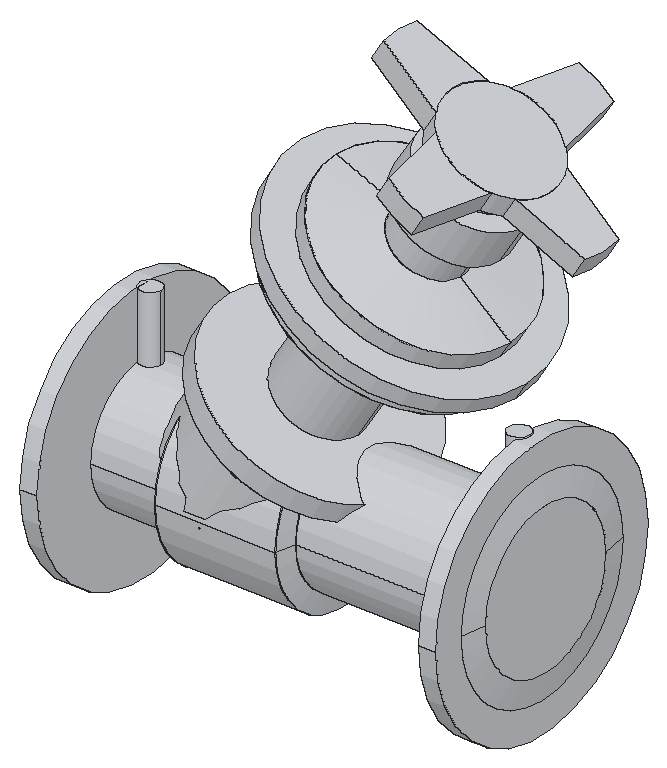
Revit family "224_DN125_20-70_RFA_2018", category Pipe Accessories, Revit 2018
Family settings
  Round Connector Dimension = Use Diameter
  Part Type = Valve - Breaks Into
  Work Plane-Based = No
  Always vertical = Yes
  Cut with Voids When Loaded = No
  Shared = No
Parameters (values of type "224_DN125_(20-70)")
  magiProductId = "2c85edc695ca465cb63b6911085491"
  magiProductFamilyId = "cb96b53648234cefb8c956722b95ac"
  magiPartTypeId = 304
  isMeasuringValve [instance] = no
  ang2D [instance] = 0.00°
  Z8 = 25.804 mm
  Z7 = 8.601 mm
  Z6 = 107.518 mm
  Z4 = 43.007 mm
  Z3 = 17.203 mm
  Z2 = 21.504 mm
  Z1 = 64.511 mm
  Y9 = 112.022 mm
  Y8 = 43.927 mm
  X9 = 19.752 mm
  X8 = 30.758 mm
  X5 = 166.25 mm
  X4 = 113.75 mm
  X1 = 16 mm
  W2D = 100 mm
  VersionID = "2.0/2018.4.11.4/ZETKAMA_224_001"
  Use Minimum Symbol Size [instance] = yes
  URL = "www.hydronic.cz"
  Type Comments = "přírubový ventil, PN16; -10~+120°C; dpmin=1,5xdpnast;"
  R8 = 53.625 mm
  R7 = 35.75 mm
  R6 = 96.688 mm
  R5 = 125 mm
  R4 = 113.75 mm
  R3 = 65 mm
  R2 = 95.5 mm
  R12 = 42.75 mm
  R10 = 71 mm
  QmdConnectorList = "301;D;302;D"
  Productdata [instance] = ""
  Manufacturer = "Hydronic Systems Prague s.r.o."
  Maintenance Zone Under Depth [instance] = 425 mm
  Maintenance Zone Right Depth [instance] = 400 mm
  Maintenance Zone Over Depth [instance] = 425 mm
  Maintenance Zone Left Depth [instance] = 400 mm
  Maintenance Zone Front Depth [instance] = 273 mm
  Maintenance Zone Back Depth [instance] = 273 mm
  Maintenance Zone Front Visibility [instance] = no
  MC Product Code = "224 125 3 (DN125; dpnast 20-70kPa; dpmax=250kPa; kvs=169,0kPa)"
  MC Piping Given Pressure Drop [instance] = 0.0 Pa
  LT2 = 200 mm
  L3 = 72 mm
  L2D_Min = 3048 mm
  L2D = 350 mm
  H5 = 62.5 mm
  FDT2 = 125 mm
  Description = "Regulátor diferenčního tlaku přírubový"
  DT21 = 62.5 mm
  DT2 = 62.5 mm
  D6 = 101.562 mm
  D5 = 81.25 mm
  D = 125 mm
  Clearance Zone Height Depth [instance] = 425 mm
  Clearance Zone Circular Radius [instance] = 400 mm
  Clearance Zone Visibility [instance] = no
  CAT0 = yes
  ARC2 = 1.728 mm
  ARC1 = 9.698 mm
  ANG = 32.00°
  A2 = 37.094 mm
  A1 = 59.363 mm
Types (10, lengths in mm): name | magiProductId | Z8 | Z7 | Z6 | Z4 | Z3 | Z2 | Z1 | X5 | X4 | X1 | R5 | R3 | R2 | R10 | Maintenance Zone Under Depth | Maintenance Zone Right Depth | Maintenance Zone Over Depth | Maintenance Zone Left Depth | MC Product Code | LT2 | L3 | H5 | FDT2 | DT21 | DT2 | D6 | D5 | D | Clearance Zone Height Depth | Clearance Zone Circular Radius | A2 | A1
  224_DN100_(40-160) | "71f9e553003c40d991c5e352e67284" | 24.389 | 8.13 | 101.622 | 40.649 | 16.26 | 20.324 | 60.973 | 152.2 | 91 | 14 | 110 | 52 | 80.5 | 58 | 405 | 350 | 405 | 350 | "224 100 7 (DN100; dpnast 40-160kPa; dpmax=250kPa; kvs=110,0kPa)" | 175 | 62.8 | 60 | 110 | 50 | 50 | 81.25 | 65 | 100 | 405 | 350 | 32.458 | 51.943
  224_DN100_(20-70) | "5e4de33176c64976a9c157b39996ce" | 24.389 | 8.13 | 101.622 | 40.649 | 16.26 | 20.324 | 60.973 | 152.2 | 91 | 14 | 110 | 52 | 80.5 | 58 | 405 | 350 | 405 | 350 | "224 100 3 (DN100; dpnast 20-70kPa; dpmax=250kPa; kvs=110,0kPa)" | 175 | 62.8 | 60 | 110 | 50 | 50 | 81.25 | 65 | 100 | 405 | 350 | 32.458 | 51.943
  224_DN125_(40-160) | "9beb69b667494b6ab1f54942078ae6" | 25.804 | 8.601 | 107.518 | 43.007 | 17.203 | 21.504 | 64.511 | 166.25 | 113.75 | 16 | 125 | 65 | 95.5 | 71 | 425 | 400 | 425 | 400 | "224 125 7 (DN125; dpnast 40-160kPa; dpmax=250kPa; kvs=169,0kPa)" | 200 | 72 | 62.5 | 125 | 62.5 | 62.5 | 101.562 | 81.25 | 125 | 425 | 400 | 37.094 | 59.363
  224_DN125_(20-70) | "2c85edc695ca465cb63b6911085491" | 25.804 | 8.601 | 107.518 | 43.007 | 17.203 | 21.504 | 64.511 | 166.25 | 113.75 | 16 | 125 | 65 | 95.5 | 71 | 425 | 400 | 425 | 400 | "224 125 3 (DN125; dpnast 20-70kPa; dpmax=250kPa; kvs=169,0kPa)" | 200 | 72 | 62.5 | 125 | 62.5 | 62.5 | 101.562 | 81.25 | 125 | 425 | 400 | 37.094 | 59.363
  224_DN150_(40-160) | "96017eba5eec4de2abe05c4d8dc7d1" | 26.866 | 8.955 | 89.552 | 44.776 | 17.91 | 22.388 | 89.552 | 223.38 | 115.5 | 19.2 | 142.5 | 70.2 | 108.5 | 84 | 440 | 480 | 440 | 480 | "224 150 7 (DN150; dpnast 40-160kPa; dpmax=250kPa; kvs=200,0kPa)" | 240 | 86.72 | 67.5 | 142.5 | 67.5 | 75 | 90.75 | 82.5 | 150 | 440 | 480 | 44.513 | 71.236
  224_DN150_(20-70) | "2dcf3707ec5549d494f72875a03dce" | 26.866 | 8.955 | 89.552 | 44.776 | 17.91 | 22.388 | 89.552 | 223.38 | 115.5 | 19.2 | 142.5 | 70.2 | 108.5 | 84 | 440 | 480 | 440 | 480 | "224 150 3 (DN150; dpnast 20-70kPa; dpmax=250kPa; kvs=200,0kPa)" | 240 | 86.72 | 67.5 | 142.5 | 67.5 | 75 | 90.75 | 82.5 | 150 | 440 | 480 | 44.513 | 71.236
  224_DN065_(40-160) | "7a3227ed888c4b0d8669ae9eb0085d" | 22.974 | 7.658 | 95.726 | 38.29 | 15.316 | 19.145 | 57.436 | 139.89 | 59.15 | 11.6 | 92.5 | 33.8 | 63 | 40.5 | 385 | 290 | 385 | 290 | "224 065 7 (DN65; dpnast 40-160kPa; dpmax=300kPa; kvs=48,4kPa)" | 145 | 51.76 | 60 | 92.5 | 32.5 | 32.5 | 52.812 | 42.25 | 65 | 385 | 290 | 26.893 | 43.038
  224_DN065_(20-70) | "bd269db4002540fe9b2a41f205afd7" | 22.974 | 7.658 | 95.726 | 38.29 | 15.316 | 19.145 | 57.436 | 139.89 | 59.15 | 11.6 | 92.5 | 33.8 | 63 | 40.5 | 385 | 290 | 385 | 290 | "224 065 3 (DN65; dpnast 20-70kPa; dpmax=300kPa; kvs=48,4kPa)" | 145 | 51.76 | 60 | 92.5 | 32.5 | 32.5 | 52.812 | 42.25 | 65 | 385 | 290 | 26.893 | 43.038
  224_DN080_(40-160) | "20b45c03d3cb49e9a44f946d5e2c2d" | 23.328 | 7.776 | 97.2 | 38.88 | 15.552 | 19.44 | 58.32 | 140.96 | 72.8 | 12.4 | 100 | 41.6 | 70.5 | 48 | 390 | 310 | 390 | 310 | "224 080 7 (DN80; dpnast 40-160kPa; dpmax=300kPa; kvs=74,5kPa)" | 155 | 55.44 | 60 | 100 | 40 | 40 | 65 | 52 | 80 | 390 | 310 | 28.748 | 46.007
  224_DN080_(20-70) | "2f63645f7c5342ecbadd0051fa47f2" | 23.328 | 7.776 | 97.2 | 38.88 | 15.552 | 19.44 | 58.32 | 140.96 | 72.8 | 12.4 | 100 | 41.6 | 70.5 | 48 | 390 | 310 | 390 | 310 | "224 080 3 (DN80; dpnast 20-70kPa; dpmax=300kPa; kvs=74,5kPa)" | 155 | 55.44 | 60 | 100 | 40 | 40 | 65 | 52 | 80 | 390 | 310 | 28.748 | 46.007
Reference planes
  plane 1 "Center (Front/Back)": y = 0
  plane 2 "XYPLANE": z = 0
  plane 3 "Center (Left/Right)": x = 0
  plane 4 "274": z = -425
  plane 5 "273": z = 425
  plane 6 "272": x = -400
  plane 7 "271": x = 400
  plane 8 "270": y = 273
  plane 9 "269": y = -273
  plane 10 "202": x = 175
  plane 11 "201": z = 62.5
  plane 12 "199": x = -173
  plane 13 "196": x = 13.75
  plane 14 "195": x = 9.75
  plane 15 "186": x = -104
  plane 16 "185": x = -108
  plane 17 "157": through (-518.951, 0, 584.815) normal (0.5299, 0, 0.848)
  plane 18 "123": y = -19.752
  plane 19 "122": y = -30.758
  plane 20 "120": y = 19.752
  plane 21 "119": y = 30.758
  plane 22 "118": through (252.097, 0, 726.856) normal (0.848, 0, -0.5299)
  plane 23 "117": through (384.349, 0, 644.216) normal (0.848, 0, -0.5299)
  plane 24 "116": through (442.096, 0, 608.131) normal (0.848, 0, -0.5299)
  plane 25 "115": through (309.844, 0, 690.772) normal (0.848, 0, -0.5299)
  plane 26 "113": y = -43.927
  plane 27 "112": y = -112.022
  plane 28 "110": through (373.181, 0, 651.195) normal (0.848, 0, -0.5299)
  plane 29 "108": through (330.345, 0, 677.961) normal (0.848, 0, -0.5299)
  plane 30 "107": through (321.012, 0, 683.793) normal (0.848, 0, -0.5299)
  plane 31 "106": through (363.848, 0, 657.027) normal (0.848, 0, -0.5299)
  plane 32 "105": y = 112.022
  plane 33 "104": y = 43.927
  plane 34 "99": through (-439.185, 0, 712.467) normal (0.5299, 0, 0.848)
  plane 35 "96": through (-450.58, 0, 694.231) normal (0.5299, 0, 0.848)
  plane 36 "91": through (-473.37, 0, 657.759) normal (0.5299, 0, 0.848)
  plane 37 "87": through (-496.161, 0, 621.287) normal (0.5299, 0, 0.848)
  plane 38 "84": through (-500.719, 0, 613.992) normal (0.5299, 0, 0.848)
  plane 39 "82": through (-509.835, 0, 599.404) normal (0.5299, 0, 0.848)
  plane 40 "75": through (-528.067, 0, 570.226) normal (0.5299, 0, 0.848)
  plane 41 "74": through (-541.741, 0, 548.342) normal (0.5299, 0, 0.848)
  plane 42 "41": through (-598.717, 0, 457.162) normal (0.5299, 0, 0.848)
  plane 43 "37": through (-610.112, 0, 438.926) normal (0.5299, 0, 0.848)
  plane 44 "34": through (-621.508, 0, 420.69) normal (0.5299, 0, 0.848)
  plane 45 "30": through (-655.693, 0, 365.982) normal (0.5299, 0, 0.848)
  plane 46 "28": y = 0
  plane 47 "27": through (347.096, 0, 667.494) normal (0.848, 0, -0.5299)
  plane 48 "24": x = 196
  plane 49 "23": x = 180
  plane 50 "15": x = -180
  plane 51 "11": x = -196
  plane 52 "6": x = 200
  plane 53 "5": x = -200
  plane 54 "3": z = 0
  plane 55 "2": y = 0
  plane 56 "1": x = 0
  plane 57 "25XY": through (-636.036, 0, 397.439) normal (0.5299, 0, 0.848)
  plane 58 "25XZ": y = 0
  plane 59 "25YZ": through (397.439, 0, 636.036) normal (0.848, 0, -0.5299)
Forms (mm)
  Blend 1, solid, visible <- "CAT0"
    base sketch origin (-541.741, 0, 548.342) x (0.848048, 0, -0.529919) y (0, 1, 0)
      loop
        circle (690.637, 0) r 42.75
    top sketch origin (-541.741, 0, 548.342) x (0.848048, 0, -0.529919) y (0, 1, 0)
      loop
        circle (690.637, 0) r 113.75
    from 0 to 25.804
  Blend 2, solid, visible <- "Maintenance Zone Front Visibility"
    base sketch origin (-750, 0, 425) x (1, 0, 0) y (0, 1, 0)
      loop
        line (350, 273) -> (350, -273) -> (1150, -273) -> (1150, 273) -> (350, 273)
    top sketch origin (-750, 0, 425) x (1, 0, 0) y (0, 1, 0)
      loop
        line (350, 273) -> (350, -273) -> (1150, -273) -> (1150, 273) -> (350, 273)
    from 0 to -850
  Extrusion 3, solid, visible <- "Clearance Zone Visibility"
    sketch origin (-750, 0, 0) x (1, 0, 0) y (0, 1, 0)
      loop
        circle (750, 0) r 400
    from 0 to 425 <- "Clearance Zone Height Depth"
  Extrusion 4, solid, visible <- "CAT0"
    sketch origin (-598.717, 0, 457.162) x (0.848048, 0, -0.529919) y (0, 1, 0)
      loop
        circle (690.637, 0) r 42.75
    from 0 to 107.518 <- "Z6"
  Extrusion 5, solid
    sketch origin (-750, 0, 62.5) x (1, 0, 0) y (0, 1, 0)
      loop
        circle (925, 0) r 10
    from 0 to 62.5 <- "H5"
  Extrusion 6, solid
    sketch origin (-750, 0, 62.5) x (1, 0, 0) y (0, 1, 0)
      loop
        circle (577, 0) r 10
    from 0 to 62.5 <- "H5"
  Extrusion 7, solid
    sketch origin (13.75, -750, 0) x (0, 1, 0) y (0, 0, 1)
      loop
        circle (750, 0) r 62.5
    from 0 to 166.25 <- "X5"
  Blend 8, solid
    base sketch origin (13.75, -750, 0) x (0, 1, 0) y (0, 0, 1)
      loop
        circle (750, 0) r 62.5
    top sketch origin (13.75, -750, 0) x (0, 1, 0) y (0, 0, 1)
      loop
        circle (750, 0) r 81.25
    from 0 to -4
  Extrusion 9, solid
    sketch origin (-104, -750, 0) x (0, 1, 0) y (0, 0, 1)
      loop
        circle (750, 0) r 81.25
    from 0 to 113.75 <- "X4"
  Blend 10, solid
    base sketch origin (-108, -750, 0) x (0, 1, 0) y (0, 0, 1)
      loop
        circle (750, 0) r 62.5
    top sketch origin (-108, -750, 0) x (0, 1, 0) y (0, 0, 1)
      loop
        circle (750, 0) r 81.25
    from 0 to 4
  Extrusion 11, solid
    sketch origin (-655.693, 0, 365.982) x (0.848048, 0, -0.529919) y (0, 1, 0)
      loop
        circle (690.637, 0) r 81.25
    from 0 to 64.511 <- "Z1"
  Extrusion 12, solid
    sketch origin (-528.067, 0, 570.226) x (0.848048, 0, -0.529919) y (0, 1, 0)
      loop
        circle (690.637, 0) r 113.75
    from 0 to 17.203 <- "Z3"
  Extrusion 13, solid
    sketch origin (-439.185, 0, 712.467) x (0.848048, 0, -0.529919) y (0, 1, 0)
      loop
        line (734.564, -30.758) -> (802.659, -19.752)
        arc (802.659, -19.752) -> (804.387, 0) -> (802.659, 19.752) r 113.75
        line (802.659, 19.752) -> (734.564, 30.758)
        arc (734.564, 30.758) -> (744.262, 0) -> (734.564, -30.758) r 53.625
    from 0 to 21.504 <- "Z2"
  Extrusion 14, solid
    sketch origin (-439.185, 0, 712.467) x (0.848048, 0, -0.529919) y (0, 1, 0)
      loop
        line (646.71, 30.758) -> (578.615, 19.752)
        arc (578.615, 19.752) -> (576.887, 0) -> (578.615, -19.752) r 113.75
        line (578.615, -19.752) -> (646.71, -30.758)
        arc (646.71, -30.758) -> (637.012, 0) -> (646.71, 30.758) r 53.625
    from 0 to 21.504 <- "Z2"
  Extrusion 15, solid
    sketch origin (-439.185, 0, 712.467) x (0.848048, 0, -0.529919) y (0, 1, 0)
      loop
        line (659.879, -43.927) -> (670.884, -112.022)
        arc (670.884, -112.022) -> (690.637, -113.75) -> (710.389, -112.022) r 113.75
        line (710.389, -112.022) -> (721.395, -43.927)
        arc (721.395, -43.927) -> (690.637, -53.625) -> (659.879, -43.927) r 53.625
    from 0 to 21.504 <- "Z2"
  Extrusion 16, solid
    sketch origin (-439.185, 0, 712.467) x (0.848048, 0, -0.529919) y (0, 1, 0)
      loop
        line (721.395, 43.927) -> (710.389, 112.022)
        arc (710.389, 112.022) -> (690.637, 113.75) -> (670.884, 112.022) r 113.75
        line (670.884, 112.022) -> (659.879, 43.927)
        arc (659.879, 43.927) -> (690.637, 53.625) -> (721.395, 43.927) r 53.625
    from 0 to 21.504 <- "Z2"
  Extrusion 17, solid
    sketch origin (-439.185, 0, 712.467) x (0.848048, 0, -0.529919) y (0, 1, 0)
      loop
        circle (690.637, 0) r 53.625
    from 0 to 21.504 <- "Z2"
  Extrusion 18, solid
    sketch origin (-450.58, 0, 694.231) x (0.848048, 0, -0.529919) y (0, 1, 0)
      loop
        circle (690.637, 0) r 35.75
    from 0 to 21.504 <- "Z2"
  Extrusion 19, solid
    sketch origin (-473.37, 0, 657.759) x (0.848048, 0, -0.529919) y (0, 1, 0)
      loop
        circle (690.637, 0) r 53.625
    from 0 to 43.007 <- "Z4"
  Extrusion 20, solid
    sketch origin (-496.161, 0, 621.287) x (0.848048, 0, -0.529919) y (0, 1, 0)
      loop
        circle (690.637, 0) r 35.75
    from 0 to 43.007 <- "Z4"
  Blend 21, solid
    base sketch origin (-500.719, 0, 613.992) x (0.848048, 0, -0.529919) y (0, 1, 0)
      loop
        circle (690.637, 0) r 96.688
    top sketch origin (-500.719, 0, 613.992) x (0.848048, 0, -0.529919) y (0, 1, 0)
      loop
        circle (690.637, 0) r 35.75
    from 0 to 8.601
  Extrusion 22, solid
    sketch origin (-509.835, 0, 599.404) x (0.848048, 0, -0.529919) y (0, 1, 0)
      loop
        circle (690.637, 0) r 96.688
    from 0 to 17.203 <- "Z3"
  Extrusion 23, solid
    sketch origin (-518.951, 0, 584.815) x (0.848048, 0, -0.529919) y (0, 1, 0)
      loop
        circle (690.637, 0) r 125
    from 0 to 17.203 <- "Z3"
  Extrusion 24, solid
    sketch origin (-610.112, 0, 438.926) x (0.848048, 0, -0.529919) y (0, 1, 0)
      loop
        circle (690.637, 0) r 101.562
    from 0 to 21.504 <- "Z2"
  Extrusion 25, solid
    sketch origin (-621.508, 0, 420.69) x (0.848048, 0, -0.529919) y (0, 1, 0)
      loop
        circle (690.637, 0) r 65
    from 0 to 21.504 <- "Z2"
  Blend 26, solid
    base sketch origin (196, -750, 0) x (0, 1, 0) y (0, 0, 1)
      loop
        circle (750, 0) r 95.5
    top sketch origin (196, -750, 0) x (0, 1, 0) y (0, 0, 1)
      loop
        circle (750, 0) r 71
    from 0 to 4
  Extrusion 27, solid
    sketch origin (180, -750, 0) x (0, 1, 0) y (0, 0, 1)
      loop
        circle (750, 0) r 125
    from 0 to 16 <- "X1"
  Extrusion 28, solid
    sketch origin (-180, -750, 0) x (0, 1, 0) y (0, 0, 1)
      loop
        circle (750, 0) r 62.5
    from 0 to 72 <- "L3"
  Extrusion 29, solid
    sketch origin (-196, -750, 0) x (0, 1, 0) y (0, 0, 1)
      loop
        circle (750, 0) r 125
    from 0 to 16 <- "X1"
  Blend 30, solid
    base sketch origin (-200, -750, 0) x (0, 1, 0) y (0, 0, 1)
      loop
        circle (750, 0) r 71
    top sketch origin (-200, -750, 0) x (0, 1, 0) y (0, 0, 1)
      loop
        circle (750, 0) r 95.5
    from 0 to 4
  Extrusion 31, solid, not visible
    sketch origin (200, -750, 0) x (0, 1, 0) y (0, 0, 1)
      loop
        circle (750, 0) r 10
    from 0 to -10
  Extrusion 32, solid, not visible
    sketch origin (-200, -750, 0) x (0, 1, 0) y (0, 0, 1)
      loop
        circle (750, 0) r 10
    from 0 to 10
Lines and regions (mm)
  reference lines, not visible
    curve 1: circle (10.95, 2, 0) r 1 normal (0, 0, 1)
  reference lines
    curve 2: line (183.76, -30.758, 323.208) -> (183.76, 30.758, 323.208)
    curve 3: line (241.508, 19.752, 287.123) -> (241.508, -19.752, 287.123)
    curve 4: line (109.256, 30.758, 369.763) -> (109.256, -30.758, 369.763)
    curve 5: line (51.508, -19.752, 405.848) -> (51.508, 19.752, 405.848)
    curve 6: line (120.424, -43.927, 362.785) -> (172.593, -43.927, 330.186)
    curve 7: line (163.259, -112.022, 336.018) -> (129.757, -112.022, 356.953)
    curve 8: line (172.593, 43.927, 330.186) -> (120.424, 43.927, 362.785)
    curve 9: line (129.757, 112.022, 356.953) -> (163.259, 112.022, 336.018)
Dimensions and locks
  plane 1 "Center (Front/Back)" to curve 1 = 2 mm
  "Maintenance Zone Under Depth": plane 2 "XYPLANE" to plane 4 "274"
  "Maintenance Zone Over Depth": plane 2 "XYPLANE" to plane 5 "273"
  "Maintenance Zone Left Depth": plane 3 "Center (Left/Right)" to plane 6 "272"
  "Maintenance Zone Right Depth": plane 3 "Center (Left/Right)" to plane 7 "271"
  "Maintenance Zone Back Depth": plane 1 "Center (Front/Back)" to plane 8 "270"
  "Maintenance Zone Front Depth": plane 1 "Center (Front/Back)" to plane 9 "269"
  locked: plane 49 "23" to plane 10 "202" at 5
  "DT2": plane 2 "XYPLANE" to plane 11 "201"
  locked: plane 50 "15" to plane 12 "199" at 7
  locked: plane 14 "195" to plane 13 "196" at 4
  "X4": plane 15 "186" to plane 14 "195"
  locked: plane 16 "185" to plane 15 "186" at 4
  "L3": plane 50 "15" to plane 16 "185"
  "Z3": plane 40 "75" to plane 17 "157"
  "X9": plane 55 "2" to plane 18 "123"
  "X8": plane 55 "2" to plane 19 "122"
  "X9": plane 55 "2" to plane 20 "120"
  "X8": plane 55 "2" to plane 21 "119"
  "Y9": plane 47 "27" to plane 22 "118"
  "Y8": plane 47 "27" to plane 23 "117"
  "Y9": plane 47 "27" to plane 24 "116"
  "Y8": plane 47 "27" to plane 25 "115"
  "Y8": plane 55 "2" to plane 26 "113"
  "Y9": plane 55 "2" to plane 27 "112"
  "X8": plane 47 "27" to plane 28 "110"
  "X9": plane 47 "27" to plane 29 "108"
  "X8": plane 47 "27" to plane 30 "107"
  "X9": plane 47 "27" to plane 31 "106"
  "Y9": plane 55 "2" to plane 32 "105"
  "Y8": plane 55 "2" to plane 33 "104"
  "Z2": plane 35 "96" to plane 34 "99"
  "Z4": plane 36 "91" to plane 35 "96"
  "Z4": plane 37 "87" to plane 36 "91"
  "Z7": plane 38 "84" to plane 37 "87"
  "Z3": plane 39 "82" to plane 38 "84"
  "Z3": plane 17 "157" to plane 39 "82"
  "Z8": plane 41 "74" to plane 40 "75"
  "Z6": plane 42 "41" to plane 41 "74"
  "Z2": plane 43 "37" to plane 42 "41"
  "Z2": plane 44 "34" to plane 43 "37"
  "Z1": plane 45 "30" to plane 44 "34"
  "A2": plane 57 "25XY" to plane 45 "30"
  locked: plane 55 "2" to plane 46 "28"
  "A1": plane 59 "25YZ" to plane 47 "27"
  "X1": plane 49 "23" to plane 48 "24"
  "X5": plane 13 "196" to plane 49 "23"
  "X1": plane 51 "11" to plane 50 "15"
  locked: plane 53 "5" to plane 51 "11" at 4
  "LT2": plane 3 "Center (Left/Right)" to plane 52 "6"
  "LT2": plane 3 "Center (Left/Right)" to plane 53 "5"
  locked: plane 2 "XYPLANE" to plane 54 "3"
  locked: plane 1 "Center (Front/Back)" to plane 55 "2"
  locked: plane 3 "Center (Left/Right)" to plane 56 "1"
  Blend 2 sketch curve to Blend 2 sketch curve = 0 mm  (x16)
  "ARC1": curve 2 to Extrusion 13 sketch curve
  "ARC2": curve 3 to Extrusion 13 sketch curve
  Extrusion 13 sketch curve to Extrusion 13 sketch curve = 0 mm  (x8)
  "ARC1": curve 4 to Extrusion 14 sketch curve
  "ARC2": curve 5 to Extrusion 14 sketch curve
  Extrusion 14 sketch curve to Extrusion 14 sketch curve = 0 mm  (x8)
  "ARC1": curve 6 to Extrusion 15 sketch curve
  "ARC2": curve 7 to Extrusion 15 sketch curve
  Extrusion 15 sketch curve to Extrusion 15 sketch curve = 0 mm  (x8)
  "ARC1": curve 8 to Extrusion 16 sketch curve
  "ARC2": curve 9 to Extrusion 16 sketch curve
  Extrusion 16 sketch curve to Extrusion 16 sketch curve = 0 mm  (x8)
  "R4": radius of Blend 1 sketch curve
  "R12": radius of Blend 1 sketch curve
  "Clearance Zone Circular Radius": radius of Extrusion 3 sketch curve
  "R12": radius of Extrusion 4 sketch curve
  "DT21": radius of Extrusion 7 sketch curve
  "D5": radius of Blend 8 sketch curve
  "DT21": radius of Blend 8 sketch curve
  "D5": radius of Extrusion 9 sketch curve
  "D5": radius of Blend 10 sketch curve
  "DT21": radius of Blend 10 sketch curve
  "D5": radius of Extrusion 11 sketch curve
  "R4": radius of Extrusion 12 sketch curve
  "R8": radius of Extrusion 17 sketch curve
  "R7": radius of Extrusion 18 sketch curve
  "R8": radius of Extrusion 19 sketch curve
  "R7": radius of Extrusion 20 sketch curve
  "R7": radius of Blend 21 sketch curve
  "R6": radius of Blend 21 sketch curve
  "R6": radius of Extrusion 22 sketch curve
  "R5": radius of Extrusion 23 sketch curve
  "D6": radius of Extrusion 24 sketch curve
  "R3": radius of Extrusion 25 sketch curve
  "R10": radius of Blend 26 sketch curve
  "R2": radius of Blend 26 sketch curve
  "FDT2": radius of Extrusion 27 sketch curve
  "DT21": radius of Extrusion 28 sketch curve
  "FDT2": radius of Extrusion 29 sketch curve
  "R2": radius of Blend 30 sketch curve
  "R10": radius of Blend 30 sketch curve
  aligned and locked: level to plane 2 "XYPLANE"
  aligned and locked: plane 46 "28" to Blend 1 sketch curve  (x2)
  aligned and locked: Blend 1 sketch curve to plane 47 "27"  (x2)
  aligned and locked: plane 40 "75" to Blend 1
  aligned and locked: Blend 2 sketch curve to plane 6 "272"  (x2)
  aligned and locked: plane 8 "270" to Blend 2 sketch curve  (x4)
  aligned and locked: plane 9 "269" to Blend 2 sketch curve  (x4)
  aligned and locked: plane 6 "272" to Blend 2 sketch curve  (x2)
  aligned and locked: plane 7 "271" to Blend 2 sketch curve  (x4)
  aligned and locked: Blend 2 to plane 4 "274"
  aligned and locked: plane 55 "2" to Extrusion 3 sketch curve
  aligned and locked: plane 56 "1" to Extrusion 3 sketch curve
  aligned and locked: plane 46 "28" to Extrusion 4 sketch curve
  aligned and locked: Extrusion 4 sketch curve to plane 47 "27"
  aligned and locked: plane 10 "202" to Extrusion 5 sketch curve
  aligned and locked: plane 55 "2" to Extrusion 5 sketch curve
  aligned and locked: plane 12 "199" to Extrusion 6 sketch curve
  aligned and locked: plane 55 "2" to Extrusion 6 sketch curve
  aligned and locked: plane 54 "3" to Extrusion 7 sketch curve
  aligned and locked: Extrusion 7 sketch curve to plane 55 "2"
  aligned and locked: plane 54 "3" to Blend 8 sketch curve  (x2)
  aligned and locked: Blend 8 sketch curve to plane 55 "2"  (x2)
  aligned and locked: Blend 8 to plane 14 "195"
  aligned and locked: plane 54 "3" to Extrusion 9 sketch curve
  aligned and locked: Extrusion 9 sketch curve to plane 55 "2"
  aligned and locked: plane 54 "3" to Blend 10 sketch curve  (x2)
  aligned and locked: Blend 10 sketch curve to plane 55 "2"  (x2)
  aligned and locked: plane 15 "186" to Blend 10
  aligned and locked: plane 46 "28" to Extrusion 11 sketch curve
  aligned and locked: Extrusion 11 sketch curve to plane 47 "27"
  aligned and locked: plane 46 "28" to Extrusion 12 sketch curve
  aligned and locked: Extrusion 12 sketch curve to plane 47 "27"
  aligned and locked: curve 2 to plane 23 "117"
  aligned and locked: plane 19 "122" to curve 2
  aligned and locked: plane 21 "119" to curve 2
  aligned and locked: plane 21 "119" to Extrusion 13 sketch curve
  aligned and locked: plane 23 "117" to Extrusion 13 sketch curve
  aligned and locked: plane 20 "120" to Extrusion 13 sketch curve
  aligned and locked: plane 24 "116" to Extrusion 13 sketch curve
  aligned and locked: curve 3 to plane 24 "116"
  aligned and locked: plane 20 "120" to curve 3
  aligned and locked: plane 18 "123" to curve 3
  aligned and locked: plane 18 "123" to Extrusion 13 sketch curve
  aligned and locked: Extrusion 13 sketch curve to plane 24 "116"
  aligned and locked: plane 19 "122" to Extrusion 13 sketch curve
  aligned and locked: Extrusion 13 sketch curve to plane 23 "117"
  aligned and locked: curve 4 to plane 25 "115"
  aligned and locked: plane 21 "119" to curve 4
  aligned and locked: plane 19 "122" to curve 4
  aligned and locked: plane 19 "122" to Extrusion 14 sketch curve
  aligned and locked: Extrusion 14 sketch curve to plane 25 "115"
  aligned and locked: plane 18 "123" to Extrusion 14 sketch curve
  aligned and locked: Extrusion 14 sketch curve to plane 22 "118"
  aligned and locked: curve 5 to plane 22 "118"
  aligned and locked: plane 18 "123" to curve 5
  aligned and locked: plane 20 "120" to curve 5
  aligned and locked: plane 20 "120" to Extrusion 14 sketch curve
  aligned and locked: plane 22 "118" to Extrusion 14 sketch curve
  aligned and locked: plane 21 "119" to Extrusion 14 sketch curve
  aligned and locked: plane 25 "115" to Extrusion 14 sketch curve
  aligned and locked: curve 6 to plane 26 "113"
  aligned and locked: curve 6 to plane 30 "107"
  aligned and locked: curve 6 to plane 28 "110"
  aligned and locked: plane 26 "113" to Extrusion 15 sketch curve  (x2)
  aligned and locked: Extrusion 15 sketch curve to plane 28 "110"
  aligned and locked: plane 27 "112" to Extrusion 15 sketch curve  (x2)
  aligned and locked: Extrusion 15 sketch curve to plane 31 "106"
  aligned and locked: plane 27 "112" to curve 7
  aligned and locked: curve 7 to plane 31 "106"
  aligned and locked: curve 7 to plane 29 "108"
  aligned and locked: Extrusion 15 sketch curve to plane 29 "108"
  aligned and locked: Extrusion 15 sketch curve to plane 30 "107"
  aligned and locked: plane 33 "104" to curve 8
  aligned and locked: plane 28 "110" to curve 8
  aligned and locked: plane 30 "107" to curve 8
  aligned and locked: plane 30 "107" to Extrusion 16 sketch curve
  aligned and locked: plane 33 "104" to Extrusion 16 sketch curve  (x2)
  aligned and locked: plane 29 "108" to Extrusion 16 sketch curve
  aligned and locked: plane 32 "105" to Extrusion 16 sketch curve  (x2)
  aligned and locked: curve 9 to plane 32 "105"
  aligned and locked: plane 29 "108" to curve 9
  aligned and locked: plane 31 "106" to curve 9
  aligned and locked: plane 31 "106" to Extrusion 16 sketch curve
  aligned and locked: plane 28 "110" to Extrusion 16 sketch curve
  aligned and locked: plane 46 "28" to Extrusion 17 sketch curve
  aligned and locked: Extrusion 17 sketch curve to plane 47 "27"
  aligned and locked: plane 46 "28" to Extrusion 18 sketch curve
  aligned and locked: Extrusion 18 sketch curve to plane 47 "27"
  aligned and locked: plane 46 "28" to Extrusion 19 sketch curve
  aligned and locked: Extrusion 19 sketch curve to plane 47 "27"
  aligned and locked: plane 46 "28" to Extrusion 20 sketch curve
  aligned and locked: Extrusion 20 sketch curve to plane 47 "27"
  aligned and locked: plane 46 "28" to Blend 21 sketch curve  (x2)
  aligned and locked: Blend 21 sketch curve to plane 47 "27"  (x2)
  aligned and locked: plane 37 "87" to Blend 21
  aligned and locked: plane 46 "28" to Extrusion 22 sketch curve
  aligned and locked: Extrusion 22 sketch curve to plane 47 "27"
  aligned and locked: plane 46 "28" to Extrusion 23 sketch curve
  aligned and locked: Extrusion 23 sketch curve to plane 47 "27"
  aligned and locked: plane 46 "28" to Extrusion 24 sketch curve
  aligned and locked: Extrusion 24 sketch curve to plane 47 "27"
  aligned and locked: plane 46 "28" to Extrusion 25 sketch curve
  aligned and locked: Extrusion 25 sketch curve to plane 47 "27"
  aligned and locked: plane 54 "3" to Blend 26 sketch curve  (x2)
  aligned and locked: Blend 26 sketch curve to plane 55 "2"  (x2)
  aligned and locked: plane 52 "6" to Blend 26
  aligned and locked: plane 54 "3" to Extrusion 27 sketch curve
  aligned and locked: Extrusion 27 sketch curve to plane 55 "2"
  aligned and locked: plane 54 "3" to Extrusion 28 sketch curve
  aligned and locked: Extrusion 28 sketch curve to plane 55 "2"
  aligned and locked: plane 54 "3" to Extrusion 29 sketch curve
  aligned and locked: Extrusion 29 sketch curve to plane 55 "2"
  aligned and locked: plane 54 "3" to Blend 30 sketch curve  (x2)
  aligned and locked: Blend 30 sketch curve to plane 55 "2"  (x2)
  aligned and locked: plane 51 "11" to Blend 30
  aligned and locked: plane 54 "3" to Extrusion 31 sketch curve
  aligned and locked: Extrusion 31 sketch curve to plane 55 "2"
  aligned and locked: plane 54 "3" to Extrusion 32 sketch curve
  aligned and locked: Extrusion 32 sketch curve to plane 55 "2"
Automatic sketch dimensions
  Extrusion 5 sketch curve to Extrusion 5 sketch curve = 10 mm
  Extrusion 6 sketch curve to plane 50 "15" = 3 mm
  plane 18 "123" to Extrusion 31 sketch curve = 9.752 mm
  plane 18 "123" to Extrusion 32 sketch curve = 9.752 mm
  plane 14 "195" to curve 1 = 1.2 mm
  radius of curve 1 = 1 mm
Connectors
  piping at (-200, 0, 0), diameter 125, driven by "D"
    settings: on Extrusion 32, index 1, connector inside diameter 609.6 mm, connector length 0 mm, flow factor 0, pipe flow 0.0 L/s, pressure drop 0.0 Pa, fitting loss kfactor 0, connector angle 0.00°, fixture units 0, engagement length 0 mm, angle of deflection 0.00°, flow configuration 0, flow direction 0, fitting loss method 0, system type 29, joint type 0, gender type 0, connector reference index 2, connector utility 0, adjustable connector no, is connector primary yes, connector description ""
  piping at (200, 0, 0), diameter 125, driven by "D"
    settings: on Extrusion 31, index 2, connector inside diameter 609.6 mm, connector length 0 mm, flow factor 0, pipe flow 0.0 L/s, pressure drop 0.0 Pa, fitting loss kfactor 0, connector angle 0.00°, fixture units 0, engagement length 0 mm, angle of deflection 0.00°, flow configuration 0, flow direction 0, fitting loss method 0, system type 29, joint type 0, gender type 0, connector reference index 1, connector utility 0, adjustable connector no, is connector primary no, connector description ""
